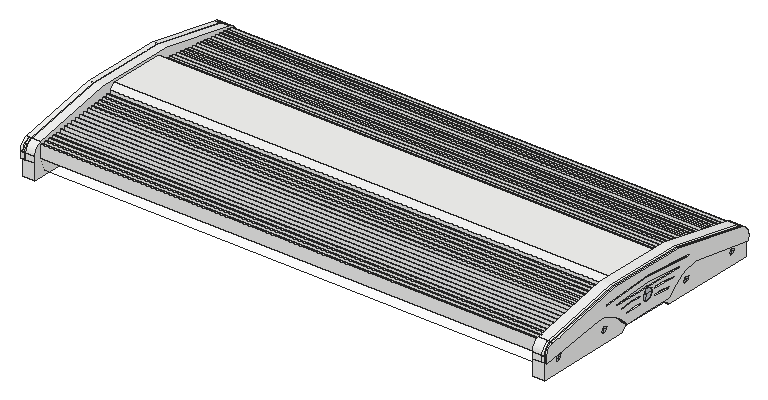
Revit family "HLHB LIGHT", category Lighting Fixtures, Revit 2020
Family settings
  Round Connector Dimension = Use Diameter
  Part Type = Normal
  Work Plane-Based = No
  Always vertical = Yes
  Cut with Voids When Loaded = No
  Light Source = Yes
  Shared = No
  Room Calculation Point = No
Parameters (values of type "HLHB03-270401-G-PCL")
  Wattage = 318.429 W
  WATTS = 270 W
  built-in parameter 1150110 = 1 (stored number, unit not read)
  Voltage Comments = "120-277"  # constant formula
  Voltage = 120 V  # constant formula
  URL = "https://www.abovealllighting.com/product/LED-INDOOR-FIXTURE/LEDHIGHBAYLOWBAY/HeavenlyLinearHighBay.html"
  Type Comments = "HEAVENLY LINEAR HIGH BAY"  # constant formula
  built-in parameter 1114217 = 1 (stored number, unit not read)
  Tilt Angle = 90.00°
  built-in parameter 1150109 = 1 (stored number, unit not read)
  built-in parameter 1150134 = 12
  built-in parameter 1150113 = 1 (stored number, unit not read)
  Replaces/Equiv.(MH) = ""
  Photometric Web File = "HLHB03-270401-G-PCL_IESNA2002.IES"
  Order number = ""
  Model = "HLHB03-270401-G-PCL"
  Manufacturer = "Above All Lighting"  # constant formula
  MS-L7W = no
  MOD3 = yes
  built-in parameter 1150105 = 3764 (stored number, unit not read)
  Lumens = 47300 lm
  built-in parameter 1150115 = 1 (stored number, unit not read)
  built-in parameter 1150137 = (empty or 0)
  built-in parameter 1150139 = (empty or 0)
  built-in parameter 1150112 = 1 (stored number, unit not read)
  built-in parameter 1150114 = 1 (stored number, unit not read)
  Lamp = "LED"  # constant formula
  built-in parameter 1150132 = 2
  built-in parameter 1150102 = (empty or 0)
  built-in parameter 1150107 = 4000 (stored number, unit not read)
  built-in parameter 1150138 = (empty or 0)
  built-in parameter 1150106 = 37.64 (stored number, unit not read)
  IP Rating = ""
  GLASS = Polycarbonate Clear Lens
  Fixture Width = 16.25"
  Fixture Length = 34.00"
  Fixture Height = 3.14844"
  Emit from Line Length = 24.00"
  built-in parameter 1150104 = 13.8 (stored number, unit not read)
  Dimming Lamp Color Temperature Shift = <None>
  Dimming / Control Comments = "0-10V Dim"  # constant formula
  Description = "The HEAVENLY Linear High Bay is an attractive, durabIe and high efficient soIution for a variety of \r\nindustrial and commercial applications. The extruded aluminum construction enables optimal thermal \r\ncontrol and longer system life in cin high temperature environments as high as 150°F (65°C) ambient \r\ntemperature. Wattstopper sensor and Enlighted intelligent control systems allow for precise light positioning \r\nputting he light exactly where you need it."  # constant formula
  Default Elevation = 0.00"
  Color Filter = 16777215
  CRI = ">80"  # constant formula
  Body Material = Body Material
  built-in parameter 1114218 = 1 (stored number, unit not read)
  Average life based on 104F(HRS) = "50000"  # constant formula
  built-in parameter 1150133 = 10 (stored number, unit not read)
  Apparent Load = WATTS / 0.8  # 337.5 VA
Types (20): name | Wattage | WATTS | built-in parameter 1150134 | Replaces/Equiv.(MH) | Photometric Web File | Order number | Model | built-in parameter 1150105 | Lumens | built-in parameter 1150107 | built-in parameter 1150106 | IP Rating | Fixture Length | Apparent Load
  (no name) | 318.429 W | 270 W | 12 | "" | "HLHB03-270401-G-PCL_IESNA2002.IES" | "" | "HLHB03-270401-G-PCL" | 3764 (stored number, unit not read) | 47300 lm | 4000 (stored number, unit not read) | 37.64 (stored number, unit not read) | "" | 34.00" | 337.5 VA
  HLHB02-65501-G | 76.746 W | 65 W | 2 | "2-lamp T5HO" | "HLHB02-65501-G(G).IES" | "13933" | "HLHB02-65501-G" | 4103.9 (stored number, unit not read) | 11400 lm | 5000 (stored number, unit not read) | 41.039 (stored number, unit not read) | "20" | 24.33" | 81.25 VA
  HLHB02-65401-G | 76.746 W | 65 W | 12 | "2-lamp T5HO" | "HLHB02-65401-G(G).IES" | "13934" | "HLHB02-65401-G" | 4103.9 (stored number, unit not read) | 11400 lm | 4000 (stored number, unit not read) | 41.039 (stored number, unit not read) | "20" | 24.33" | 81.25 VA
  HLHB02-95501-G | 117.812 W | 100 W | 2 | "4-lamp T8, 250W HID" | "HLHB02-95501-G (G).IES" | "13935" | "HLHB02-95501-G" | 5852.4 (stored number, unit not read) | 17500 lm | 5000 (stored number, unit not read) | 58.524 (stored number, unit not read) | "20" | 24.33" | 125 VA
  HLHB02-95401-G | 117.812 W | 100 W | 12 | "4-lamp T8, 250W HID" | "HLHB02-95401-G(G).IES" | "13936" | "HLHB02-95401-G" | 5852.4 (stored number, unit not read) | 17500 lm | 4000 (stored number, unit not read) | 58.524 (stored number, unit not read) | "20" | 24.33" | 125 VA
  HLHB02-135501-G | 158.878 W | 135 W | 2 | "4-lamp T5HO, 6-lamp T8, 320W HID" | "HLHB02-135501-G(G).IES" | "13937" | "HLHB02-135501-G" | 7717.5 (stored number, unit not read) | 23600 lm | 5000 (stored number, unit not read) | 77.175 (stored number, unit not read) | "20" | 24.33" | 168.75 VA
  HLHB02-135401-G | 158.878 W | 135 W | 2 | "4-lamp T5HO, 6-lamp T8, 320W HID" | "HLHB02-135401-G(G).IES" | "13938" | "HLHB02-135401-G" | 7717.5 (stored number, unit not read) | 23600 lm | 5000 (stored number, unit not read) | 77.175 (stored number, unit not read) | "20" | 24.33" | 168.75 VA
  HLHB02-175501-G | 212.061 W | 175 W | 2 | "6-lamp T5HO, 8-lamp T8, 400W HID" | "HLHB02-175501-G (G).IES" | "13939" | "HLHB02-175501-G" | 10571.5 (stored number, unit not read) | 31500 lm | 5000 (stored number, unit not read) | 105.72 (stored number, unit not read) | "20" | 24.33" | 218.75 VA
  HLHB02-175401-G | 212.061 W | 175 W | 12 | "6-lamp T5HO, 8-lamp T8, 400W HID" | "HLHB02-175401-G(G).IES" | "13940" | "HLHB02-175401-G" | 10571.5 (stored number, unit not read) | 31500 lm | 4000 (stored number, unit not read) | 105.72 (stored number, unit not read) | "20" | 24.33" | 218.75 VA
  HLHB02-220501-G | 254.474 W | 210 W | 2 | "6-lamp T5HO, 8-lamp T8, 400W HID" | "HLHB02-220501-G(G).IES" | "13941" | "HLHB02-220501-G" | 12356.9 (stored number, unit not read) | 37800 lm | 5000 (stored number, unit not read) | 123.57 (stored number, unit not read) | "20" | 24.33" | 262.5 VA
  HLHB02-220401-G | 254.474 W | 210 W | 12 | "6-lamp T5HO, 8-lamp T8, 400W HID" | "HLHB02-220401-G(G).IES" | "13942" | "HLHB02-220401-G" | 12356.9 (stored number, unit not read) | 37800 lm | 4000 (stored number, unit not read) | 123.57 (stored number, unit not read) | "20" | 24.33" | 262.5 VA
  HLHB04-220501-G | 254.474 W | 210 W | 2 | "6-lamp T5HO, 8-lamp T8, 400W HID" | "HLHB04-220501-G (G).IES" | "13953" | "HLHB04-220501-G" | 12356.9 (stored number, unit not read) | 37800 lm | 5000 (stored number, unit not read) | 123.57 (stored number, unit not read) | "20" | 45.43" | 262.5 VA
  HLHB04-220401-G | 254.474 W | 210 W | 12 | "6-lamp T5HO, 8-lamp T8, 400W HID" | "HLHB04-220401-G(G).IES" | "13954" | "HLHB04-220401-G" | 12356.9 (stored number, unit not read) | 37800 lm | 4000 (stored number, unit not read) | 123.57 (stored number, unit not read) | "20" | 45.43" | 262.5 VA
  HLHB04-270501-G | 318.429 W | 270 W | 2 | "8-lamp T5HO, 750W HID" | "HLHB04-270501-G (G).IES" | "13955" | "HLHB04-270501-G" | 15668.4 (stored number, unit not read) | 47300 lm | 5000 (stored number, unit not read) | 156.68 (stored number, unit not read) | "20" | 45.43" | 337.5 VA
  HLHB04-270401-G | 318.429 W | 270 W | 12 | "8-lamp T5HO, 750W HID" | "HLHB04-270401-G(G).IES" | "13956" | "HLHB04-270401-G" | 15668.4 (stored number, unit not read) | 47300 lm | 4000 (stored number, unit not read) | 156.68 (stored number, unit not read) | "20" | 45.43" | 337.5 VA
  HLHB04-350501-G | 424.123 W | 350 W | 2 | "10-lamp T5HO, 750W HID" | "HLHB04-350501-G (G).IES" | "13957" | "HLHB04-350501-G" | 20748 (stored number, unit not read) | 63000 lm | 5000 (stored number, unit not read) | 207.48 (stored number, unit not read) | "20" | 45.43" | 437.5 VA
  HLHB04-350401-G | 424.123 W | 350 W | 12 | "10-lamp T5HO, 750W HID" | "HLHB04-350401-G(G).IES" | "13958" | "HLHB04-350401-G" | 20748 (stored number, unit not read) | 63000 lm | 4000 (stored number, unit not read) | 207.48 (stored number, unit not read) | "20" | 45.43" | 437.5 VA
  HLHB04-420501-G | 508.947 W | 420 W | 2 | "1000W MH" | 0.00" | "14519" | "HLHB04-420501-G" | 6016.1 (stored number, unit not read) | 75600 lm | 5000 (stored number, unit not read) | 60.161 (stored number, unit not read) | "21" | 45.43" | 525 VA
  HLHB04-420401-G | 508.947 W | 420 W | 12 | "1000W MH" | 0.00" | "14520" | "HLHB04-420401-G" | 6016.1 (stored number, unit not read) | 75600 lm | 4000 (stored number, unit not read) | 60.161 (stored number, unit not read) | "22" | 45.43" | 525 VA
  HLHB03-270401-G-PCL | 318.429 W | 270 W | 12 | "" | "HLHB03-270401-G-PCL_IESNA2002.IES" | "" | "HLHB03-270401-G-PCL" | 3764 (stored number, unit not read) | 47300 lm | 4000 (stored number, unit not read) | 37.64 (stored number, unit not read) | "" | 34.00" | 337.5 VA
Reference planes (in)
  plane 1 "Center (Front/Back)": y = 0
  plane 2: z = 0
  plane 3 "Center (Left/Right)": x = 0
  plane 4: x = 17
  plane 5: y = 8.125
  plane 6: y = -8.125
  plane 7: x = -17
  plane 8: z = 3.14844
  plane 9: x = 16.05975
  plane 10: x = -16.05975
  plane 11: x = 16.80466
  plane 12: z = 1.13213
  plane 13: y = 7.70631
  plane 14: z = 1.15213
  plane 15 "Light Source": z = -1.17745
Forms (in)
  Sweep 1, solid, material "Body Material" <- "Body Material"
    path origin (0, 0, 0) x (1, 0, 0) y (0, 1, 0)
      loop
        line (-16.05975, 0) -> (16.05975, 0)
    profile origin (0, 0, 0) x (0, 1, 0) y (0, 0, 1)
      loop
        line (2.08832, 2.61798) -> (1.77582, 2.93048) -> (-1.77582, 2.93048) -> (-2.08832, 2.61798) -> (-2.08832, 1.15213) -> (-2.34245, 1.15213) -> (-2.34245, 2.51859) -> (-2.41147, 2.51859) -> (-2.41147, 1.15213) -> (-2.65391, 1.15213) -> (-2.65391, 2.48343) -> (-2.71341, 2.48343) -> (-2.71341, 1.15213) -> (-2.96537, 1.15213) -> (-2.96537, 2.45218) -> (-3.02487, 2.45218) -> (-3.02487, 1.15213) -> (-3.27683, 1.15213) -> (-3.27683, 2.41703) -> (-3.34585, 2.41703) -> (-3.34585, 1.15213) -> (-3.58829, 1.15213) -> (-3.58829, 2.38578) -> (-3.6478, 2.38578) -> (-3.6478, 1.15213) -> (-3.89976, 1.15213) -> (-3.89976, 2.35453) -> (-3.95926, 2.35453) -> (-3.95926, 1.15213) -> (-4.21122, 1.15213) -> (-4.21122, 2.31937) -> (-4.28024, 2.31937) -> (-4.28024, 1.15213) -> (-4.52268, 1.15213) -> (-4.52268, 2.28812) -> (-4.58218, 2.28812) -> (-4.58218, 1.15213) -> (-4.83414, 1.15213) -> (-4.83414, 2.25296) -> (-4.89364, 2.25296) -> (-4.89364, 1.15213) -> (-5.1456, 1.15213) -> (-5.1456, 2.21781) -> (-5.21462, 2.21781) -> (-5.21462, 1.15213) -> (-5.45706, 1.15213) -> (-5.45706, 2.18656) -> (-5.51656, 2.18656) -> (-5.51656, 1.15213) -> (-5.76852, 1.15213) -> (-5.76852, 2.15531) -> (-5.82802, 2.15531) -> (-5.82802, 1.15213) -> (-6.07998, 1.15213) -> (-6.07998, 2.12406) -> (-6.149, 2.12406) -> (-6.149, 1.15213) -> (-6.39144, 1.15213) -> (-6.39144, 2.0889) -> (-6.45094, 2.0889) -> (-6.45094, 1.15213) -> (-6.7029, 1.15213) -> (-6.7029, 2.05374) -> (-6.7624, 2.05374) -> (-6.7624, 1.15213) -> (-7.01436, 1.15213) -> (-7.01436, 2.02249) -> (-7.08338, 2.02249) -> (-7.08338, 1.15213) -> (-7.32582, 1.15213) -> (-7.32582, 1.99124) -> (-7.38533, 1.99124) -> (-7.38533, 1.15213) -> (-7.63729, 1.15213) -> (-7.63729, 1.95609) -> (-7.70631, 1.95609) -> (-7.70631, 1.13213) -> (-2.08832, 1.13213) -> (-2.08832, 0.21568) -> (-1.83832, 0.21568) -> (-1.83832, 0.61069) -> (0, 0.61069) -> (1.83832, 0.61069) -> (1.83832, 0.21568) -> (2.08832, 0.21568) -> (2.08832, 1.13213) -> (7.70631, 1.13213) -> (7.70631, 1.95609) -> (7.63729, 1.95609) -> (7.63729, 1.15213) -> (7.38533, 1.15213) -> (7.38533, 1.99124) -> (7.32582, 1.99124) -> (7.32582, 1.15213) -> (7.08338, 1.15213) -> (7.08338, 2.02249) -> (7.01436, 2.02249) -> (7.01436, 1.15213) -> (6.7624, 1.15213) -> (6.7624, 2.05374) -> (6.7029, 2.05374) -> (6.7029, 1.15213) -> (6.45094, 1.15213) -> (6.45094, 2.0889) -> (6.39144, 2.0889) -> (6.39144, 1.15213) -> (6.149, 1.15213) -> (6.149, 2.12406) -> (6.07998, 2.12406) -> (6.07998, 1.15213) -> (5.82802, 1.15213) -> (5.82802, 2.15531) -> (5.76852, 2.15531) -> (5.76852, 1.15213) -> (5.51656, 1.15213) -> (5.51656, 2.18656) -> (5.45706, 2.18656) -> (5.45706, 1.15213) -> (5.21462, 1.15213) -> (5.21462, 2.21781) -> (5.1456, 2.21781) -> (5.1456, 1.15213) -> (4.89364, 1.15213) -> (4.89364, 2.25296) -> (4.83414, 2.25296) -> (4.83414, 1.15213) -> (4.58218, 1.15213) -> (4.58218, 2.28812) -> (4.52268, 2.28812) -> (4.52268, 1.15213) -> (4.28024, 1.15213) -> (4.28024, 2.31937) -> (4.21122, 2.31937) -> (4.21122, 1.15213) -> (3.95926, 1.15213) -> (3.95926, 2.35453) -> (3.89976, 2.35453) -> (3.89976, 1.15213) -> (3.6478, 1.15213) -> (3.6478, 2.38578) -> (3.58829, 2.38578) -> (3.58829, 1.15213) -> (3.34585, 1.15213) -> (3.34585, 2.41703) -> (3.27683, 2.41703) -> (3.27683, 1.15213) -> (3.02487, 1.15213) -> (3.02487, 2.45218) -> (2.96537, 2.45218) -> (2.96537, 1.15213) -> (2.71341, 1.15213) -> (2.71341, 2.48343) -> (2.65391, 2.48343) -> (2.65391, 1.15213) -> (2.41147, 1.15213) -> (2.41147, 2.51859) -> (2.34245, 2.51859) -> (2.34245, 1.15213) -> (2.08832, 1.15213) -> (2.08832, 2.61798)
  Revolve 2, solid, material "Body Material" <- "Body Material", visible <- "MOD3"
    sketch origin (0, 0, 0) x (0, 1, 0) y (0, 0, 1)
      loop
        line (1.46131, 0.29435) -> (0, 0.29435) -> (0, -0.6276) -> (0.32361, -0.6276)
        arc (0.32361, -0.6276) -> (0.97755, -0.45509) -> (1.46131, 0.01754) r 1.32573
        line (1.46131, 0.01754) -> (1.46131, 0.29435)
      axis (0, -0.6276) -> (0, 0.29435)
    angle from 0 to 360
  Revolve 3, solid, material "Body Material" <- "Body Material", visible <- "MOD3"
    sketch origin (0, 0, 0) x (0, 1, 0) y (0, 0, 1)
      loop
        line (0, -0.63059) -> (0.30921, -0.63059) -> (0.30921, -0.57931) -> (0, -0.57931) -> (0, -0.63059)
      axis (0, -0.63059) -> (0, -0.57931)
    angle from 0 to 360
  Revolve 4, solid, material "Body Material" <- "Body Material", visible <- "MS-L7W"
    sketch origin (0, 0, 0) x (0, 1, 0) y (0, 0, 1)
      loop
        line (1.46131, 0.29435) -> (0, 0.29435) -> (0, -1.029)
        arc (0, -1.029) -> (0.82622, -0.73654) -> (1.35969, -0.04113) r 1.5423
        line (1.35969, -0.04113) -> (1.46131, 0.01754) -> (1.46131, 0.29435)
      axis (0, -1.029) -> (0, 0.29435)
    angle from 0 to 360
  Sweep 5, solid, material "Polycarbonate Clear Lens" <- "GLASS"
    path origin (0, 0, 0) x (1, 0, 0) y (0, 1, 0)
      loop
        line (-16.05975, 0) -> (16.05975, 0)
    profile origin (0, 0, 0) x (0, 1, 0) y (0, 0, 1)
      loop
        line (7.7063, 1.13213) -> (2.08832, 1.13213) -> (2.08832, 1.08658) -> (2.28413, 1.08658) -> (2.53386, 0.21568) -> (4.53037, 0.21568) -> (4.76839, 1.10397) -> (5.13218, 1.10397) -> (5.27287, 0.21568) -> (7.36322, 0.21568) -> (7.7063, 1.13213)
      loop
        line (-7.70611, 1.13213) -> (-7.36322, 0.21568) -> (-5.27287, 0.21568) -> (-5.13218, 1.10397) -> (-4.76839, 1.10397) -> (-4.53037, 0.21568) -> (-2.53386, 0.21568) -> (-2.28413, 1.08658) -> (-2.08832, 1.08658) -> (-2.08832, 1.13213) -> (-7.70611, 1.13213)
Dimensions and locks (in)
  "Fixture Width": plane 6 to plane 5
  equal spacing: plane 7, plane 3 "Center (Left/Right)", plane 4
  "Fixture Length": plane 7 to plane 4
  equal spacing: plane 6, plane 1 "Center (Front/Back)", plane 5
  "Fixture Height": plane 8 to plane 2
  equal spacing: plane 10, plane 3 "Center (Left/Right)", plane 9
  locked: plane 9 to plane 4 at 0.94025
  plane 7 to plane 10 = 0.94025"
  plane 5 to Sweep 1 sketch curve = 6.28668"
  locked: plane 4 to plane 11 at 0.19534
  locked: plane 5 to plane 13 at 0.41869
  locked: plane 12 to plane 2 at 1.13213
  locked: plane 12 to plane 14 at 0.02
  locked: plane 2 to plane 15 "Light Source" at 1.17745
  aligned and locked: plane 2 to level
  aligned and locked: plane 1 "Center (Front/Back)" to Sweep 1 sketch curve
  aligned and locked: plane 10 to Sweep 1 sketch curve
  aligned and locked: plane 9 to Sweep 1 sketch curve
  aligned and locked: plane 4 to nested 1
  aligned and locked: plane 6 to nested 1
  aligned and locked: nested 2 to plane 7
  aligned and locked: nested 2 to plane 6
  aligned and locked: plane 10 to Sweep 5 sketch curve
  aligned and locked: plane 9 to Sweep 5 sketch curve
  aligned and locked: plane 1 "Center (Front/Back)" to Sweep 5 sketch curve
  aligned and locked: imposter light to plane 15 "Light Source"
Automatic sketch dimensions
  Sweep 1 sketch curve to profile plane = 0.00"
  profile plane to Sweep 1 sketch curve = 1.77582"
  level to Sweep 1 sketch curve = 0.21568"  (x2)
  profile plane to Sweep 1 sketch curve = 1.83832"
  Sweep 1 sketch curve to Sweep 1 sketch curve = 0.25"  (x2)
  Sweep 1 sketch curve to Sweep 1 sketch curve = 0.3125"  (x2)
  Sweep 1 sketch curve to Sweep 1 sketch curve = 0.06902"  (x14)
  Sweep 1 sketch curve to Sweep 1 sketch curve = 0.24244"  (x12)
  Sweep 1 sketch curve to Sweep 1 sketch curve = 0.0595"  (x22)
  Sweep 1 sketch curve to Sweep 1 sketch curve = 0.25196"  (x22)
  Sweep 1 sketch curve to profile plane = 1.77582"
  Sweep 1 sketch curve to Sweep 1 sketch curve = 0.00"  (x35)
  level to Sweep 1 sketch curve = 0.61069"
  Sweep 1 sketch curve to Sweep 1 sketch curve = 0.02"  (x3)
  Sweep 1 sketch curve to Sweep 1 sketch curve = 0.03516"  (x16)
  Sweep 1 sketch curve to Sweep 1 sketch curve = 0.03125"  (x18)
  Sweep 1 sketch curve to Sweep 1 sketch curve = 0.09939"  (x2)
  Revolve 2 sketch curve to plane 1 "Center (Front/Back)" = 0.00"  (x2)
  Revolve 2 sketch curve to plane 1 "Center (Front/Back)" = 0.32361"
  level to Revolve 2 sketch curve = 0.01754"
  Revolve 2 sketch curve to Revolve 2 sketch curve = 1.1377"
  Revolve 2 sketch curve to level = 0.6276"
  level to Revolve 2 sketch curve = 0.29435"
  plane 12 to Revolve 2 sketch curve = 0.11459"
  Revolve 2 sketch curve to plane 12 = 0.38541"
  Revolve 3 sketch curve to plane 1 "Center (Front/Back)" = 0.00"  (x2)
  Revolve 3 sketch curve to Revolve 3 sketch curve = 0.30921"
  Revolve 3 sketch curve to level = 0.63059"
  Revolve 3 sketch curve to Revolve 3 sketch curve = 0.05128"
  Revolve 3 sketch curve to Revolve 3 sketch curve = 0.16562"
  Revolve 3 sketch curve to Revolve 3 sketch curve = 0.10286"
  Revolve 4 sketch curve to plane 1 "Center (Front/Back)" = 0.00"  (x2)
  plane 1 "Center (Front/Back)" to Revolve 4 sketch curve = 0.08032"
  Revolve 4 sketch curve to level = 0.04113"
  Revolve 4 sketch curve to plane 1 "Center (Front/Back)" = 1.35969"
  level to Revolve 4 sketch curve = 0.01754"
  Revolve 4 sketch curve to Revolve 4 sketch curve = 0.10162"
  Revolve 4 sketch curve to level = 1.029"
  Revolve 4 sketch curve to Revolve 4 sketch curve = 0.21685"
  Revolve 4 sketch curve to Revolve 4 sketch curve = 0.5532"
  Revolve 4 sketch curve to Revolve 4 sketch curve = 0.37344"
  Sweep 1 sketch curve to Sweep 1 sketch curve = 0.25413"  (x2)
  Sweep 1 sketch curve to Sweep 1 sketch curve = 0.82396"  (x2)
  Sweep 1 sketch curve to Sweep 1 sketch curve = 0.52144"
  level to Sweep 5 sketch curve = 0.21568"  (x4)
  Sweep 5 sketch curve to Sweep 5 sketch curve = 0.44554"
  Sweep 5 sketch curve to Sweep 5 sketch curve = 1.99651"  (x2)
  level to Sweep 5 sketch curve = 1.10397"  (x2)
  Sweep 5 sketch curve to Sweep 5 sketch curve = 0.23802"  (x2)
  Sweep 5 sketch curve to Sweep 5 sketch curve = 0.36379"  (x2)
  Sweep 5 sketch curve to Sweep 5 sketch curve = 0.7425"  (x2)
  Sweep 5 sketch curve to Sweep 5 sketch curve = 2.09035"  (x2)
  level to Sweep 5 sketch curve = 1.08658"
  Sweep 5 sketch curve to Sweep 5 sketch curve = 0.19582"  (x2)
  level to Sweep 5 sketch curve = 1.13213"
  Sweep 5 sketch curve to Sweep 5 sketch curve = 0.34307"
  Sweep 5 sketch curve to Sweep 5 sketch curve = 0.34289"
  Sweep 5 sketch curve to Sweep 5 sketch curve = 0.91645"
  profile plane to Sweep 5 sketch curve = 7.70611"
  Sweep 5 sketch curve to profile plane = 2.08832"
  Sweep 5 sketch curve to Sweep 5 sketch curve = 0.24973"
  Sweep 5 sketch curve to Sweep 5 sketch curve = 0.04555"
Nested families (in)
  nested 1: "Family1" at (-3, 0, 0), Body color <- "Body Material", type "Family1"
    with Body color Body Material
  nested 2: "Family1" at (3, 0, 0) x (-1, 0, 0) z (0, 0, 1), Body color <- "Body Material", type "Family1"
    with Body color Body Material
Definition of nested family "Family1"
  Parameters
    Default Elevation = 0.00"
    Body color [instance] = none
  Reference planes (in)
    plane 1 "Center (Front/Back)": y = 0
    plane 2: z = 0
    plane 3 "Center (Left/Right)": x = 0
  Forms (in)
    Extrusion 1, solid, material <- "Body color"
      sketch origin (0, 0, 0) x (0, 1, 0) y (0, 0, 1)
        loop
          line (8.125, 1) -> (8.125, 1.38277)
          arc (8.125, 1.38277) -> (7.97937, 1.79311) -> (7.60763, 2.01982) r 0.65089
          arc (7.60763, 2.01982) -> (0, 3.14865) -> (-7.60763, 2.01982) r 26.19995
          arc (-7.60763, 2.01982) -> (-7.97937, 1.79311) -> (-8.125, 1.38277) r 0.65089
          line (-8.125, 1.38277) -> (-8.125, 1)
          arc (-8.125, 1) -> (-6.0407, 1.4242) -> (-3.92732, 1.66485) r 24.34447
          arc (-3.92732, 1.66485) -> (-3.33028, 1.61782) -> (-2.77304, 1.39836) r 2.02681
          arc (-2.77304, 1.39836) -> (-2.26128, 1.03791) -> (-1.82248, 0.59151) r 3.47571
          arc (-1.82248, 0.59151) -> (-1.73609, 0.52403) -> (-1.62914, 0.5) r 0.25
          line (-1.62914, 0.5) -> (0, 0.5) -> (1.62914, 0.5)
          arc (1.62914, 0.5) -> (1.73609, 0.52403) -> (1.82248, 0.59151) r 0.25
          arc (1.82248, 0.59151) -> (2.26128, 1.03791) -> (2.77304, 1.39836) r 3.47571
          arc (2.77304, 1.39836) -> (3.33028, 1.61782) -> (3.92732, 1.66485) r 2.02681
          arc (3.92732, 1.66485) -> (6.0407, 1.4242) -> (8.125, 1) r 24.34447
        loop
          arc (3.39074, 2.3783) -> (0.00086, 2.58567) -> (-3.3888, 2.37464) r 27.56743
          arc (-3.3888, 2.37464) -> (-3.37343, 2.2177) -> (-3.21648, 2.20233) r 0.12421
          arc (-3.21648, 2.20233) -> (0.03352, 2.44191) -> (3.28352, 2.20233) r 22.16301
          arc (3.28352, 2.20233) -> (3.39545, 2.25478) -> (3.39074, 2.3783) r 0.11187
        loop
          arc (2.66595, 2.01201) -> (0.04333, 2.16063) -> (-2.57932, 2.01255) r 23.25648
          arc (-2.57932, 2.01255) -> (-2.53308, 1.90093) -> (-2.42146, 1.85469) r 0.15786
          arc (-2.42146, 1.85469) -> (0.07854, 1.98172) -> (2.57854, 1.85469) r 24.66378
          arc (2.57854, 1.85469) -> (2.65029, 1.91777) -> (2.66595, 2.01201) r 0.14222
        loop
          arc (2.15898, 1.59774) -> (1.37359, 1.71481) -> (0.58026, 1.68047) r 4.15905
          arc (0.58026, 1.68047) -> (0.52348, 1.6053) -> (0.59861, 1.54846) r 0.06664
          arc (0.59861, 1.54846) -> (1.36508, 1.55345) -> (2.12683, 1.46838) r 6.51344
          arc (2.12683, 1.46838) -> (2.16495, 1.52758) -> (2.15898, 1.59774) r 0.10911
        loop
          arc (-2.15898, 1.59774) -> (-2.16495, 1.52758) -> (-2.12683, 1.46838) r 0.10911
          arc (-2.12683, 1.46838) -> (-1.36508, 1.55345) -> (-0.59861, 1.54846) r 6.51344
          arc (-0.59861, 1.54846) -> (-0.52348, 1.6053) -> (-0.58026, 1.68047) r 0.06664
          arc (-0.58026, 1.68047) -> (-1.37359, 1.71481) -> (-2.15898, 1.59774) r 4.15905
        loop
          arc (1.77251, 1.1594) -> (1.15202, 1.26186) -> (0.52422, 1.22482) r 2.83118
          arc (0.52422, 1.22482) -> (0.52361, 1.16638) -> (0.57427, 1.13724) r 0.05783
          arc (0.57427, 1.13724) -> (1.12488, 1.11986) -> (1.67243, 1.05932) r 7.01371
          arc (1.67243, 1.05932) -> (1.7432, 1.08863) -> (1.77251, 1.1594) r 0.10008
        loop
          arc (-1.77251, 1.1594) -> (-1.7432, 1.08863) -> (-1.67243, 1.05932) r 0.10008
          arc (-1.67243, 1.05932) -> (-1.12488, 1.11986) -> (-0.57427, 1.13724) r 7.01371
          arc (-0.57427, 1.13724) -> (-0.52361, 1.16638) -> (-0.52422, 1.22482) r 0.05783
          arc (-0.52422, 1.22482) -> (-1.15202, 1.26186) -> (-1.77251, 1.1594) r 2.83118
      from 19.68866 to 20
    Extrusion 2, solid, material <- "Body color"
      sketch origin (0, 0, 0) x (0, 1, 0) y (0, 0, 1)
        loop
          line (1.89853, 0) -> (8.125, 0) -> (8.125, 1) -> (8.125, 1.38277)
          arc (8.125, 1.38277) -> (7.97937, 1.79311) -> (7.60763, 2.01982) r 0.65089
          arc (7.60763, 2.01982) -> (0, 3.14865) -> (-7.60763, 2.01982) r 26.19995
          arc (-7.60763, 2.01982) -> (-7.97937, 1.79311) -> (-8.125, 1.38277) r 0.65089
          line (-8.125, 1.38277) -> (-8.125, 1) -> (-8.125, 0) -> (-1.89853, 0) -> (-1.60418, 0.29435) -> (0, 0.29435) -> (1.60418, 0.29435) -> (1.89853, 0)
      from 19.05975 to 19.835
    Extrusion 3, solid
      sketch origin (0, 0, 0) x (0, 1, 0) y (0, 0, 1)
        loop
          line (7.02299, 1.02929) -> (7.02299, 0.82902) -> (7.22326, 0.82902)
          arc (7.22326, 0.82902) -> (7.1646, 0.97063) -> (7.02299, 1.02929) r 0.20027
        loop
          arc (6.99551, 1.02929) -> (6.8539, 0.97063) -> (6.79525, 0.82902) r 0.20027
          line (6.79525, 0.82902) -> (6.99551, 0.82902) -> (6.99551, 1.02929)
        loop
          arc (7.02299, 0.60697) -> (7.1646, 0.66562) -> (7.22326, 0.80723) r 0.20027
          line (7.22326, 0.80723) -> (7.02299, 0.80723) -> (7.02299, 0.60697)
        loop
          line (6.99551, 0.60697) -> (6.99551, 0.80723) -> (6.79525, 0.80723)
          arc (6.79525, 0.80723) -> (6.8539, 0.66562) -> (6.99551, 0.60697) r 0.20027
      from 19.47342 to 19.80466
    Extrusion 4, void
      sketch origin (0, 0, 0) x (0, 1, 0) y (0, 0, 1)
        loop
          circle (7.01031, 0.81776) r 0.21567
      from 19.68866 to 20
    Extrusion 5, solid
      sketch origin (0, -3.68984, 0) x (0, 1, 0) y (0, 0, 1)
        loop
          line (7.02299, 1.02929) -> (7.02299, 0.82902) -> (7.22326, 0.82902)
          arc (7.22326, 0.82902) -> (7.1646, 0.97063) -> (7.02299, 1.02929) r 0.20027
        loop
          arc (6.99551, 1.02929) -> (6.8539, 0.97063) -> (6.79525, 0.82902) r 0.20027
          line (6.79525, 0.82902) -> (6.99551, 0.82902) -> (6.99551, 1.02929)
        loop
          arc (7.02299, 0.60697) -> (7.1646, 0.66562) -> (7.22326, 0.80723) r 0.20027
          line (7.22326, 0.80723) -> (7.02299, 0.80723) -> (7.02299, 0.60697)
        loop
          line (6.99551, 0.60697) -> (6.99551, 0.80723) -> (6.79525, 0.80723)
          arc (6.79525, 0.80723) -> (6.8539, 0.66562) -> (6.99551, 0.60697) r 0.20027
      from 19.47342 to 19.80466
    Extrusion 6, void
      sketch origin (0, -3.68984, 0) x (0, 1, 0) y (0, 0, 1)
        loop
          circle (7.01031, 0.81776) r 0.21567
      from 19.68866 to 20
    Extrusion 7, solid
      sketch origin (0, 0, 0) x (0, -1, 0) y (0, 0, -1)
        loop
          arc (7.02299, -1.02929) -> (7.1646, -0.97063) -> (7.22326, -0.82902) r 0.20027
          line (7.22326, -0.82902) -> (7.02299, -0.82902) -> (7.02299, -1.02929)
        loop
          line (6.99551, -1.02929) -> (6.99551, -0.82902) -> (6.79525, -0.82902)
          arc (6.79525, -0.82902) -> (6.8539, -0.97063) -> (6.99551, -1.02929) r 0.20027
        loop
          line (7.02299, -0.60697) -> (7.02299, -0.80723) -> (7.22326, -0.80723)
          arc (7.22326, -0.80723) -> (7.1646, -0.66562) -> (7.02299, -0.60697) r 0.20027
        loop
          arc (6.99551, -0.60697) -> (6.8539, -0.66562) -> (6.79525, -0.80723) r 0.20027
          line (6.79525, -0.80723) -> (6.99551, -0.80723) -> (6.99551, -0.60697)
      from 19.47342 to 19.80466
    Extrusion 8, solid
      sketch origin (0, 3.68984, 0) x (0, -1, 0) y (0, 0, -1)
        loop
          arc (7.02299, -1.02929) -> (7.1646, -0.97063) -> (7.22326, -0.82902) r 0.20027
          line (7.22326, -0.82902) -> (7.02299, -0.82902) -> (7.02299, -1.02929)
        loop
          line (6.99551, -1.02929) -> (6.99551, -0.82902) -> (6.79525, -0.82902)
          arc (6.79525, -0.82902) -> (6.8539, -0.97063) -> (6.99551, -1.02929) r 0.20027
        loop
          line (7.02299, -0.60697) -> (7.02299, -0.80723) -> (7.22326, -0.80723)
          arc (7.22326, -0.80723) -> (7.1646, -0.66562) -> (7.02299, -0.60697) r 0.20027
        loop
          arc (6.99551, -0.60697) -> (6.8539, -0.66562) -> (6.79525, -0.80723) r 0.20027
          line (6.79525, -0.80723) -> (6.99551, -0.80723) -> (6.99551, -0.60697)
      from 19.47342 to 19.80466
    Extrusion 9, void
      sketch origin (0, 3.68984, 0) x (0, -1, 0) y (0, 0, -1)
        loop
          circle (7.01031, -0.81776) r 0.21567
      from 19.68866 to 20
    Extrusion 10, solid
      sketch origin (0, 0.00142, 0) x (0, -1, 0) y (0, 0, -1)
        loop
          arc (7.02299, -1.02929) -> (7.1646, -0.97063) -> (7.22326, -0.82902) r 0.20027
          line (7.22326, -0.82902) -> (7.02299, -0.82902) -> (7.02299, -1.02929)
        loop
          line (6.99551, -1.02929) -> (6.99551, -0.82902) -> (6.79525, -0.82902)
          arc (6.79525, -0.82902) -> (6.8539, -0.97063) -> (6.99551, -1.02929) r 0.20027
        loop
          line (7.02299, -0.60697) -> (7.02299, -0.80723) -> (7.22326, -0.80723)
          arc (7.22326, -0.80723) -> (7.1646, -0.66562) -> (7.02299, -0.60697) r 0.20027
        loop
          arc (6.99551, -0.60697) -> (6.8539, -0.66562) -> (6.79525, -0.80723) r 0.20027
          line (6.79525, -0.80723) -> (6.99551, -0.80723) -> (6.99551, -0.60697)
      from 19.47342 to 19.80466
    Extrusion 11, void
      sketch origin (0, 0.00142, 0) x (0, -1, 0) y (0, 0, -1)
        loop
          circle (7.01031, -0.81776) r 0.21567
      from 19.68866 to 20
    Extrusion 12, solid
      sketch origin (0, 7.01128, 0.6479) x (0, -1, 0) y (0, 0, -1)
        loop
          line (6.99551, -1.21594) -> (6.99551, -0.82902) -> (6.6086, -0.82902)
          arc (6.6086, -0.82902) -> (6.72193, -1.10261) -> (6.99551, -1.21594) r 0.38691
        loop
          arc (7.02704, -1.21594) -> (7.30062, -1.10261) -> (7.41395, -0.82902) r 0.38691
          line (7.41395, -0.82902) -> (7.02704, -0.82902) -> (7.02704, -1.21594)
        loop
          arc (6.99551, -0.40969) -> (6.72193, -0.52301) -> (6.6086, -0.7966) r 0.38691
          line (6.6086, -0.7966) -> (6.99551, -0.7966) -> (6.99551, -0.40969)
        loop
          line (7.02704, -0.40969) -> (7.02704, -0.7966) -> (7.41395, -0.7966)
          arc (7.41395, -0.7966) -> (7.30062, -0.52301) -> (7.02704, -0.40969) r 0.38691
      from 19.47636 to 19.89869
    Extrusion 13, void
      sketch origin (0, 0, 0) x (0, 1, 0) y (0, 0, 1)
        loop
          circle (-0.00014, 1.4613) r 0.40837
      from 19.68866 to 20
    Extrusion 14, void
      sketch origin (0, -3.71562, 0) x (0, 1, 0) y (0, 0, 1)
        loop
          circle (7.01031, 0.81776) r 0.21567
      from 19.68866 to 20
  Cuts and joins
    Extrusion 4, Extrusion 6, Extrusion 9, Extrusion 11, Extrusion 14 cuts Extrusion 2
    Extrusion 13 cuts Extrusion 1
  Dimensions and locks (in)
    locked: Extrusion 2 to Extrusion 2 at 0.77525
    locked: Extrusion 1 to Extrusion 1 at 0.31134
    locked: Extrusion 12 to Extrusion 12 at 0.42233
    locked: Extrusion 10 to Extrusion 10 at 0.33125
    locked: Extrusion 7 to Extrusion 7 at 0.33125
    aligned and locked: plane 2 to level
    aligned and locked: Extrusion 1 to Extrusion 13
